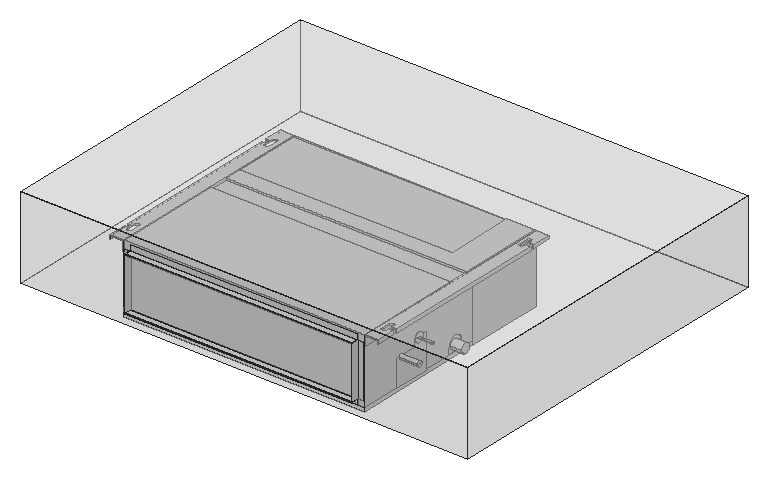
Revit family "outputfile", category 機械設備, Revit 2024
Family settings
  丸型コネクタ寸法 = 半径を使用
  パーツ タイプ = 標準
  OmniClass 番号 = 23.75.10.24.21.27.27
  OmniClass タイトル = Split System Air Conditioning Units
  作業面ベース = いいえ
  常に垂直 = はい
  ロード時にボイドで切り取り = いいえ
  注釈の向きを維持 = いいえ
  共有 = いいえ
  部屋計算ポイント = はい
Parameters (values of type "FXDQ32PDVET")
  Description = ""
  製造元 = "Daikin"
  書き出し IFC クラス(タイプ) = "IfcUnitaryEquipmentType"
  定義済み IFC タイプ(タイプ) = "AIRCONDITIONINGUNIT"
  Cost = 0
  モデル = "FXDQ32PDVET"
  Type Comments = ""
  Keynote = ""
  Type Image = (empty or 0)
  Assembly Code = ""
  w_pipe = 33.0 mm
  r_Liquid Pipe Size = Liquid Pipe Size / 2  # 3.2 mm
  r_Gas Pipe Size = Gas Pipe Size / 2  # 6.35 mm
  r_Drain Pipe Size = Drain Pipe Size / 2  # 10.0 mm
  lw_powersupply = 304.0 mm
  lh_suctionflange [instance] = if(Rear Connection_Return Air, 100.0 mm + [h***], 190.0 mm + [h***])  # 100.0 mm
  ld_suctionflange [instance] = if(Rear Connection_Return Air, 190.0 mm, 100.0 mm)  # 190.0 mm
  ld_powersupply = 60.0 mm
  angle_vertical_RA [instance] = if(Rear Connection_Return Air, 90.00°, 0.00°)  # 90.00°
  angle horizontal_RA [instance] = if(Rear Connection_Return Air, 180.00°, 270.00°)  # 180.00°
  Voltage_comment_60Hz = "220"
  Voltage_comment_50Hz = "220-240"
  Voltage_60Hz = 220 V
  Voltage_50Hz = 220 V
  URL = ""
  Supply Air Direction [instance] = yes
  Sound Power Level_H speed (dB) = 54
  Rear Connection_Return Air [instance] = not(Bottom Connection_Return Air)  # yes
  RA_length = 190.0 mm  # constant formula
  Phase_60Hz = 1
  Phase_50Hz = 1
  Minimum External Static Pressure = 10.00 Pa
  Minimum Circuit Amps_60Hz = 0.8 A
  Minimum Circuit Amps_50Hz = 0.7 A
  Maximum Fuse Amps_60Hz = 16.0 A
  Maximum Fuse Amps_50Hz = 16.0 A
  Maximum External Static Pressure = 30.00 Pa
  Material_Casing = DAIKIN_GalvanizedSteel_Casing_indoorunit
  lw_liquidpipe = 46.0 mm  # constant formula
  lw_gaspipe = 57.0 mm  # constant formula
  lw_mountinghole_pitch = 740.0 mm  # constant formula
  lw_mountinghole = 20.0 mm  # constant formula
  lw_drainpipe = 33.0 mm  # constant formula
  lh_powersupply = 10.0 mm
  lh_liquidpipe = 110.0 mm
  lh_gaspipe = 87.0 mm
  lh_mountinghole = Height + [h***]  # 200.0 mm
  lh_drainpipe = 30.0 mm
  lh_antena = 1.0 mm  # constant formula
  ld_liquidpipe = 193.0 mm  # constant formula
  ld_gaspipe = 130.0 mm  # constant formula
  ld_mountinghole_pitch = 500.0 mm  # constant formula
  ld_drainpipe = 280.0 mm
  ld_controlbox = 626.0 mm  # constant formula
  h*** = 0.0 mm  # constant formula
  d_dischargeflange = 21.2 mm  # constant formula
  Width = 700.0 mm
  Version = "ver.1.0"
  Unit Type = "Slim Duct (Standard) Type"
  Unit Mass Weight = 23.00 kg
  Unit Designation [instance] = ""
  Uniclass2015Version = "Products v1.30"
  Uniclass2015Title = "Variable refrigerant flow units"
  Uniclass2015Code = "Pr_70_65_03_94"
  Total Heating Capacity [instance] = 0.000 kW
  Total Cooling Capacity [instance] = 0.000 kW
  Sound Pressure Level_M speed (dBA) = 0
  Sound Pressure Level_L speed (dBA) = 24
  Sound Pressure Level_H speed (dBA) = 28
  Series = "VRV Fan Coil Unit"
  Sensible Cooling Capacity [instance] = 0.000 kW
  SA Duct Size Width = 660.0 mm
  SA Duct Size Height = 153.0 mm
  Refrigerant Type = "R410A"
  RA Duct Size Width = 600.0 mm
  RA Duct Size Height = 180.0 mm
  Power Input (Heating) = 0.070 kW
  Power Input (Cooling) = 0.070 kW
  Option Accessory 3 [instance] = ""
  Option Accessory 2 [instance] = ""
  Option Accessory 1 [instance] = ""
  Nominal Heating Capacity = 4.000 kW
  Nominal Cooling Capacity = 3.600 kW
  Minimum Airflow = 384.00 m³/h
  Median Airflow = 432.00 m³/h
  Maximum Airflow = 480.00 m³/h
  Load Classification = HVAC
  Liquid Pipe Size = 6.4 mm
  Link_Nested Family [instance] = ""
  IfcVersion = "0"
  IfcExportType = "AIRCONDITIONINGUNIT"
  IfcExportAs = "IfcUnitaryEquipmentType"
  Height = 200.0 mm
  Heating Entering Wet Bulb Temperature [instance] = 0.00 °C
  Heating Entering Dry Bulb Temperature [instance] = 0.00 °C
  Heating Ambient Wet Bulb Temperature [instance] = 0.00 °C
  Heating Ambient Dry Bulb Temperature [instance] = 0.00 °C
  Heat Exchanger Type = "Cross Fin Coil"
  Gas Pipe Size = 12.7 mm
  Frequency_60Hz = 60 Hz
  Frequency_50Hz = 50 Hz
  Fan Type = "Sirocco Fan"
  Fan Drive = "Direct Drive"
  FCU Tag No. [instance] = ""
  Drain Pipe Size = 20.0 mm
  Design Supply Airflow [instance] = 0.00 m³/h
  Design Return Airflow [instance] = 0.00 m³/h
  Design External Static Pressure [instance] = 0.00 Pa
  Depth = 620.0 mm
  既定の高さ = 0.0 mm
  Cooling Entering Wet Bulb Temperature [instance] = 0.00 °C
  Cooling Entering Dry Bulb Temperature [instance] = 0.00 °C
  Cooling Ambient Wet Bulb Temperature [instance] = 0.00 °C
  Cooling Ambient Dry Bulb Temperature [instance] = 0.00 °C
  Clearance visibility [instance] = yes
  Clearance Top = 20.0 mm
  Clearance Right = 300.0 mm
  Clearance Rear = 400.0 mm
  Clearance Left = 300.0 mm
  Clearance Front = 0.0 mm
  Clearance Bottom = 20.0 mm
  Bottom Connection_Return Air [instance] = no
Reference planes
  plane 1 "Center (Front/Back)": y = 0
  plane 2: z = 0
  plane 3 "Center (Left/Right)": x = 0
  plane 4 "Back": y = 310
  plane 5 "Front": y = -310
  plane 6 "Left": x = -350
  plane 7 "Right": x = 350
  plane 8 "Top": z = 0
  plane 9 "Bottom": z = -200
  plane 10: x = 330
  plane 11: x = -330
  plane 12: z = -190
  plane 13: z = -6
  plane 14: z = -22
  plane 15: z = -90
  plane 16: z = -113
  plane 17: x = -304
  plane 18: x = 304
  plane 19: x = -370
  plane 20: x = 370
  plane 21: y = -250
  plane 22: y = 250
  plane 23: x = -390
  plane 24: x = 390
  plane 25: x = 396
  plane 26: x = 407
  plane 27: x = 383
  plane 28: z = 0
  plane 29: z = -170
  plane 30 "Clearance Left": x = -650
  plane 31 "Clearance Right": x = 650
  plane 32 "Clearance Rear": y = 710
  plane 33 "Clearance Front": y = -310
  plane 34 "Clearance Top": z = 20
  plane 35 "Clearance Bottom": z = -220
  plane 36: z = -21
  plane 37: z = -170
  plane 38: z = -96.5
  plane 39: x = -40
  plane 40: y = -180
  plane 41: y = -117
  plane 42: y = -30
  plane 43: y = 20
  plane 44: z = -97.5
  plane 45: y = -309
  plane 46: x = -349
  plane 47: z = -100
  plane 48: z = -30
  plane 49: y = 210
  plane 50: z = 301
  plane 51: z = -199
  plane 52: y = 120
  plane 53: z = -101
  plane 54: x = 380
  plane 55: z = 11
  plane 56: z = 102.5
Forms (mm)
  Extrusion 1, solid
    sketch origin (0, 0, 0) x (1, 0, 0) y (0, 0, 1)
      loop
        line (-350, -190) -> (-350, -200) -> (350, -200) -> (350, -190) -> (-350, -190)
    from -84 to 310
  Extrusion 2, solid, material "DAIKIN_GalvanizedSteel_Casing_indoorunit" <- "Material_Casing"
    sketch origin (0, 0, 0) x (1, 0, 0) y (0, 1, 0)
      loop
        line (-350, -309) -> (350, -309) -> (350, 310) -> (-350, 310) -> (-350, -309)
    from -200 to 0
  Extrusion 3, void
    sketch origin (0, 0, 1) x (1, 0, 0) y (0, 1, 0)
      loop
        line (-350, 62.179) -> (-350, 4.179) -> (350, 4.179) -> (350, 62.179) -> (-350, 62.179)
    from -1 to -7
  Extrusion 4, void
    sketch origin (0, 0, 0) x (0, 1, 0) y (0, 0, 1)
      loop
        line (-5, -190) -> (45, -190) -> (45, -170)
        arc (45, -170) -> (20, -145) -> (-5, -170) r 25
        line (-5, -170) -> (-5, -190)
    from 350 to 345
  Revolve 5, solid, material "DAIKIN_GalvanizedSteel_Casing_indoorunit" <- "Material_Casing"
    sketch origin (0, 0, -113) x (0, -1, 0) y (1, 0, 0)
      loop
        line (173.65, 351) -> (180, 351) -> (180, 407) -> (173.65, 407) -> (173.65, 351)
      axis (180, 351) -> (180, 407)
    angle from 0 to 360
  Revolve 6, solid, material "DAIKIN_GalvanizedSteel_Casing_indoorunit" <- "Material_Casing"
    sketch origin (0, 0, -90) x (0, -1, 0) y (1, 0, 0)
      loop
        line (117, 351) -> (117, 396) -> (113.8, 396) -> (113.8, 351) -> (117, 351)
      axis (117, 396) -> (117, 351)
    angle from 0 to 360
  Extrusion 7, solid, material "DAIKIN_GalvanizedSteel_Casing_indoorunit" <- "Material_Casing"
    sketch origin (0, 0, 0) x (0, 1, 0) y (0, 0, 1)
      loop
        circle (-116, -90) r 12.7
    from 350 to 355.007
  Extrusion 8, solid, material "DAIKIN_GalvanizedSteel_Casing_indoorunit" <- "Material_Casing"
    sketch origin (0, 0, 0) x (0, 1, 0) y (0, 0, 1)
      loop
        circle (20, -170) r 13
    from 345 to 380
  Extrusion 9, solid, material "DAIKIN_GalvanizedSteel_Casing_indoorunit" <- "Material_Casing"
    sketch origin (0, 0, 0) x (1, 0, 0) y (0, 0, 1)
      loop
        line (-350, -190) -> (-350, -200) -> (350, -200) -> (350, -190) -> (-350, -190)
    from -84 to 310
  Extrusion 10, solid, material "DAIKIN_GalvanizedSteel_Casing_indoorunit" <- "Material_Casing", visible <- "Bottom Connection_Return Air"
    sketch origin (0, 0, 0) x (1, 0, 0) y (0, 0, 1)
      loop
        line (269, -200) -> (269, -1) -> (-349, -1) -> (-349, -200) -> (269, -200)
    from -310 to -309
  Extrusion 11, void
    sketch origin (0, 0, 0) x (1, 0, 0) y (0, 0, 1)
      loop
        line (269, 0) -> (-349, 0) -> (-349, -1) -> (269, -1) -> (269, 0)
    from -310 to -111
  Extrusion 12, solid, material "DAIKIN_GalvanizedSteel_Casing_indoorunit" <- "Material_Casing", visible <- "Rear Connection_Return Air"
    sketch origin (0, 0, 0) x (1, 0, 0) y (0, 1, 0)
      loop
        line (-349, 310) -> (-349, 111) -> (269, 111) -> (269, 310) -> (-349, 310)
    from -200 to -199
  Extrusion 13, solid, material "DAIKIN_GalvanizedSteel_Casing_indoorunit" <- "Material_Casing"
    sketch origin (0, 0, 0) x (0, 1, 0) y (0, 0, 1)
      loop
        line (-194, -113) -> (-194, -190) -> (-88.3, -190) -> (-88.3, -90) -> (-103.3, -90)
        arc (-103.3, -90) -> (-116, -102.7) -> (-128.7, -90) r 12.7
        line (-128.7, -90) -> (-128.7, -113) -> (-173.65, -113)
        arc (-173.65, -113) -> (-180, -119.35) -> (-186.35, -113) r 6.35
        line (-186.35, -113) -> (-194, -113)
    from 351 to 350
  Extrusion 14, solid, material "DAIKIN_GalvanizedSteel_Casing_indoorunit" <- "Material_Casing"
    sketch origin (0, 0, 0) x (0, 1, 0) y (0, 0, 1)
      loop
        line (84, -199) -> (310, -199) -> (310, -22) -> (91, -22) -> (84, -29) -> (84, -199)
    from 351 to 350
Cuts and joins
  Extrusion 3, Extrusion 4, Extrusion 11 cuts Extrusion 2
  Extrusion 4 cuts Extrusion 1
  Extrusion 11 cuts Extrusion 9
Dimensions and locks
  "lh_powersupply": plane 12 to plane 9 "Bottom"
  locked: plane 8 "Top" to plane 13 at 6
  "Height": plane 8 "Top" to plane 9 "Bottom"
  equal spacing: plane 17, plane 3 "Center (Left/Right)", plane 18, locked at 304 each
  locked: plane 17 to plane 18 at 608
  equal spacing: plane 19, plane 3 "Center (Left/Right)", plane 20, locked at 370 each
  "lw_mountinghole_pitch": plane 19 to plane 20
  locked: plane 14 to plane 9 "Bottom" at 178
  "lw_mountinghole": plane 23 to plane 19
  "lh_liquidpipe": plane 15 to plane 9 "Bottom"
  "lh_gaspipe": plane 16 to plane 9 "Bottom"
  "lh_mountinghole": plane 28 to plane 9 "Bottom"
  "ld_mountinghole_pitch": plane 22 to plane 21
  equal spacing: plane 6 "Left", plane 3 "Center (Left/Right)", plane 7 "Right", locked at 350 each
  "Width": plane 6 "Left" to plane 7 "Right"
  "lh_drainpipe": plane 29 to plane 9 "Bottom"
  "Clearance Right": plane 7 "Right" to plane 31 "Clearance Right"
  "Clearance Left": plane 30 "Clearance Left" to plane 6 "Left"
  "lw_gaspipe": plane 7 "Right" to plane 26
  "lw_liquidpipe": plane 7 "Right" to plane 25
  "lw_drainpipe": plane 7 "Right" to plane 27
  "Clearance Rear": plane 32 "Clearance Rear" to plane 4 "Back"
  "Clearance Front": plane 5 "Front" to plane 33 "Clearance Front"
  "Clearance Top": plane 34 "Clearance Top" to plane 8 "Top"
  "Clearance Bottom": plane 9 "Bottom" to plane 35 "Clearance Bottom"
  "ld_powersupply": plane 4 "Back" to plane 22
  "lw_powersupply": plane 3 "Center (Left/Right)" to plane 18
  locked: plane 8 "Top" to plane 36 at 21
  locked: plane 8 "Top" to plane 37 at 170
  locked: plane 40 to plane 41 at 63
  locked: plane 38 to plane 9 "Bottom" at 103.5
  locked: plane 36 to plane 44 at 76.5
  "Depth": plane 4 "Back" to plane 5 "Front"
  equal spacing: plane 4 "Back", plane 1 "Center (Front/Back)", plane 5 "Front"
  locked: plane 45 to plane 5 "Front" at 1
  locked: plane 46 to plane 6 "Left" at 1
  Extrusion 10 sketch curve to Extrusion 10 sketch curve = 199.0 mm
  locked: nested 12 to plane 39 at 300
  locked: plane 12 to plane 47 at 90
  plane 32 "Clearance Rear" to Extrusion 10 = 401.0 mm
  locked: plane 48 to plane 35 "Clearance Bottom" at 190
  locked: plane 49 to nested 13 at 90
  plane 50 to plane 28 = 301.0 mm
  locked: plane 51 to plane 9 "Bottom" at 1
  "ld_suctionflange": plane 4 "Back" to plane 52
  locked: plane 53 to plane 9 "Bottom" at 99
  locked: plane 54 to plane 7 "Right" at 30
  aligned and locked: level to plane 2
  aligned and locked: Extrusion 2 to plane 9 "Bottom"
  aligned and locked: plane 8 "Top" to Extrusion 2
  aligned and locked: Revolve 5 sketch curve to Revolve 5 sketch curve
  aligned and locked: plane 15 to Extrusion 7 sketch curve
  aligned and locked: cut or joined group of Extrusion 1, Extrusion 4 to plane 9 "Bottom"
  aligned and locked: plane 24 to nested 1
  aligned and locked: nested 1 to plane 23
  aligned and locked: plane 25 to nested 6
  aligned and locked: nested 6 to plane 15
  aligned and locked: nested 2 to plane 22
  aligned and locked: plane 20 to nested 2
  aligned and locked: plane 20 to nested 3
  aligned and locked: plane 19 to nested 4
  aligned and locked: plane 22 to nested 5
  aligned and locked: nested 5 to plane 22
  aligned and locked: plane 19 to nested 5
  aligned and locked: plane 22 to nested 11
  aligned and locked: plane 18 to nested 11  (x2)
  aligned and locked: nested 11 to plane 18
  aligned and locked: plane 4 "Back" to nested 11
  aligned and locked: cut or joined group of Extrusion 2, Extrusion 3, Extrusion 4, Extrusion 11 to nested 11
  aligned and locked: nested 11 to plane 12
  aligned and locked: plane 8 "Top" to nested 1
  aligned and locked: Extrusion 9 to plane 5 "Front"
  aligned and locked: Extrusion 9 to plane 9 "Bottom"
  aligned and locked: nested 7 to plane 16
  aligned and locked: plane 4 "Back" to nested 1
  aligned and locked: plane 40 to nested 7
  aligned and locked: plane 41 to nested 6
  aligned and locked: Extrusion 8 sketch curve to plane 43
  aligned and locked: nested 12 to plane 46
  aligned and locked: plane 4 "Back" to Extrusion 11
  aligned and locked: Extrusion 12 to nested 13
  aligned and locked: plane 8 "Top" to Extrusion 3
  aligned and locked: Extrusion 10 to cut or joined group of Extrusion 2, Extrusion 3, Extrusion 4, Extrusion 11
  aligned and locked: plane 9 "Bottom" to Extrusion 12  (x2)
  aligned and locked: Extrusion 12 to plane 51
  aligned and locked: plane 4 "Back" to nested 12
  aligned and locked: Extrusion 11 to level
  aligned and locked: plane 32 "Clearance Rear" to nested 14
  aligned and locked: plane 31 "Clearance Right" to nested 14
  aligned and locked: plane 30 "Clearance Left" to nested 14
  aligned and locked: nested 14 to plane 33 "Clearance Front"
  aligned and locked: nested 14 to plane 34 "Clearance Top"
  aligned and locked: nested 14 to plane 35 "Clearance Bottom"
  aligned and locked: plane 7 "Right" to Extrusion 13
  aligned and locked: plane 4 "Back" to Extrusion 14
  aligned and locked: Extrusion 14 to plane 51
  aligned and locked: plane 7 "Right" to Extrusion 14
  aligned and locked: Extrusion 13 to Revolve 5 sketch curve
  aligned and locked: Extrusion 3 to plane 13
  aligned and locked: plane 52 to nested 15
  aligned and locked: Extrusion 11 to nested 13
  aligned and locked: Extrusion 8 to plane 54
  aligned and locked: nested 8 to plane 54
  aligned and locked: plane 43 to nested 8
  aligned and locked: nested 8 to plane 37
  aligned and locked: nested 10 to plane 1 "Center (Front/Back)"
  aligned and locked: plane 46 to Extrusion 10
  aligned and locked: nested 12 to plane 51
  aligned and locked: plane 3 "Center (Left/Right)" to nested 10
  aligned and locked: plane 13 to nested 16
  aligned and locked: plane 45 to nested 16
  aligned and locked: plane 44 to nested 9
  aligned and locked: level to plane 8 "Top"
Automatic sketch dimensions
  Extrusion 1 sketch curve to plane 6 "Left" = 0.0 mm
  Extrusion 1 sketch curve to plane 7 "Right" = 0.0 mm
  Extrusion 1 sketch curve to plane 9 "Bottom" = 0.0 mm
  Extrusion 1 sketch curve to plane 12 = 0.0 mm
  Extrusion 2 sketch curve to plane 4 "Back" = 0.0 mm
  Extrusion 2 sketch curve to plane 6 "Left" = 0.0 mm
  Extrusion 2 sketch curve to plane 7 "Right" = 0.0 mm
  Extrusion 2 sketch curve to plane 45 = 0.0 mm
  Extrusion 3 sketch curve to plane 6 "Left" = 0.0 mm
  Extrusion 3 sketch curve to plane 7 "Right" = 0.0 mm
  Extrusion 3 sketch curve to plane 1 "Center (Front/Back)" = 4.179 mm
  plane 43 to Extrusion 3 sketch curve = 42.179 mm
  Extrusion 4 sketch curve to plane 37 = 0.0 mm
  Extrusion 4 sketch curve to plane 12 = 0.0 mm
  Extrusion 4 sketch curve to plane 43 = 0.0 mm
  plane 1 "Center (Front/Back)" to Extrusion 4 sketch curve = 5.0 mm
  Revolve 6 sketch curve to plane 25 = 0.0 mm  (x2)
  Revolve 6 sketch curve to plane 41 = 0.0 mm  (x2)
  plane 41 to Revolve 6 sketch curve = 3.2 mm
  plane 7 "Right" to Revolve 6 sketch curve = 1.0 mm
  Revolve 6 sketch curve to Revolve 6 sketch curve = 0.0 mm
  plane 41 to Extrusion 7 sketch curve = 1.0 mm
  Extrusion 8 sketch curve to plane 37 = 0.0 mm
  Extrusion 9 sketch curve to plane 6 "Left" = 0.0 mm
  Extrusion 9 sketch curve to plane 7 "Right" = 0.0 mm
  Extrusion 9 sketch curve to plane 9 "Bottom" = 0.0 mm
  Extrusion 9 sketch curve to plane 12 = 0.0 mm
  plane 46 to Extrusion 10 sketch curve = 0.0 mm
  Extrusion 10 sketch curve to plane 18 = 35.0 mm
  plane 46 to Extrusion 11 sketch curve = 0.0 mm
  Extrusion 11 sketch curve to plane 18 = 35.0 mm
  Extrusion 11 sketch curve to plane 8 "Top" = 1.0 mm
  Extrusion 12 sketch curve to plane 46 = 0.0 mm
  Extrusion 12 sketch curve to plane 4 "Back" = 0.0 mm
  Extrusion 12 sketch curve to plane 18 = 35.0 mm
  plane 43 to Extrusion 12 sketch curve = 91.0 mm
  plane 35 "Clearance Bottom" to Extrusion 11 sketch curve = 220.0 mm
  Extrusion 10 sketch curve to plane 51 = 1.0 mm
  Extrusion 13 sketch curve to plane 12 = 0.0 mm
  Extrusion 13 sketch curve to plane 16 = 0.0 mm
  Extrusion 13 sketch curve to plane 40 = 0.0 mm
  Extrusion 13 sketch curve to plane 15 = 0.0 mm
  Extrusion 13 sketch curve to Extrusion 13 sketch curve = 6.35 mm
  Extrusion 13 sketch curve to Extrusion 13 sketch curve = 7.65 mm
  Extrusion 13 sketch curve to plane 41 = 11.7 mm
  plane 41 to Extrusion 13 sketch curve = 1.0 mm
  Extrusion 13 sketch curve to Extrusion 13 sketch curve = 27.7 mm
  Extrusion 14 sketch curve to plane 51 = 0.0 mm
  Extrusion 14 sketch curve to plane 14 = 0.0 mm
  plane 48 to Extrusion 14 sketch curve = 1.0 mm
  plane 43 to Extrusion 14 sketch curve = 64.0 mm
  Extrusion 14 sketch curve to Extrusion 14 sketch curve = 7.0 mm
  Extrusion 14 sketch curve to plane 4 "Back" = 0.0 mm
  Revolve 5 sketch curve to plane 26 = 0.0 mm
  Revolve 5 sketch curve to plane 40 = 0.0 mm
  Revolve 5 sketch curve to Revolve 5 sketch curve = 1.003 mm  (x2)
  plane 40 to Revolve 5 sketch curve = 6.35 mm
  radius of Extrusion 7 sketch curve = 12.7 mm
  radius of Extrusion 8 sketch curve = 13.0 mm
Nested families
  nested 1: "daikin_hangerfixture_FXDQ-PDVET" at (0, 0.5, 0), type "daikin_hangerfixture_FXDQ-PDVET"
  nested 2: "daikin_mountinghole" at (370, 250, -200), l_antenna <- "lh_antena", Link_Nested Family <- "Link_Nested Family", h_mountinghole <- "lh_mountinghole", type "daikin_mountinghole"
    with show yes, l_antenna 1.0 mm, h_mountinghole 200.0 mm, Link_Nested Family ""
  nested 3: "daikin_mountinghole" at (370, -250, -200), Link_Nested Family <- "Link_Nested Family", l_antenna <- "lh_antena", h_mountinghole <- "lh_mountinghole", type "daikin_mountinghole"
    with show yes, l_antenna 1.0 mm, h_mountinghole 200.0 mm, Link_Nested Family ""
  nested 4: "daikin_mountinghole" at (-370, -250, -200), l_antenna <- "lh_antena", Link_Nested Family <- "Link_Nested Family", h_mountinghole <- "lh_mountinghole", type "daikin_mountinghole"
    with show yes, l_antenna 1.0 mm, h_mountinghole 200.0 mm, Link_Nested Family ""
  nested 5: "daikin_mountinghole" at (-370, 250, -200), l_antenna <- "lh_antena", Link_Nested Family <- "Link_Nested Family", h_mountinghole <- "lh_mountinghole", type "daikin_mountinghole"
    with show yes, l_antenna 1.0 mm, h_mountinghole 200.0 mm, Link_Nested Family ""
  nested 6: "daikin_connector_rotate2" at (350, -117, -90) x (0, 1, 0) z (0, 0, 1), length <- "lw_liquidpipe", built-in parameter 1001364 <- "lh_liquidpipe", radius <- "r_Liquid Pipe Size", type "daikin_connector_rotate2"
    with radius 3.2 mm, length 46.0 mm, angle_vertical 90.00°, show_face no
  nested 7: "daikin_connector_rotate2" at (350, -180, -113) x (0, 1, 0) z (0, 0, 1), length <- "lw_gaspipe", built-in parameter 1001364 <- "lh_gaspipe", radius <- "r_Gas Pipe Size", type "daikin_connector_rotate2"
    with radius 6.35 mm, length 57.0 mm, angle_vertical 90.00°, show_face no
  nested 8: "daikin_connector_rotate2" at (347, 20, -170) x (0, 1, 0) z (0, 0, 1), built-in parameter 1001364 <- "lh_drainpipe", length <- "lw_drainpipe", radius <- "r_Drain Pipe Size", type "daikin_connector_rotate2"
    with radius 10.0 mm, length 33.0 mm, angle_vertical 90.00°, show_face no
  nested 9: "daikin_connector_rotate2" at (0, -309, -97.5), length <- "d_dischargeflange", type "daikin_connector_rotate2"
    with radius 10.0 mm, length 21.2 mm, angle_vertical 90.00°, show_face no
  nested 10: "daikin_△_symbolicline" at (-75, -129.904, 200) x (-0.5, 0.866, 0) z (0, 0, 1), built-in parameter 1001364 <- "Height", visible <- "Supply Air Direction", type "daikin_△_symbolicline"
    with length 300.0 mm
  nested 11: "daikin_connector_rotate2" at (304, 250, -190) x (-1, 0, 0) z (0, 0, 1), built-in parameter 1001364 <- "lh_powersupply", length <- "ld_powersupply", type "daikin_connector_rotate2"
    with radius 10.0 mm, length 60.0 mm, angle_vertical 90.00°, show_face no
  nested 12: "daikin_ductflange_FXDQ-PDVET2" at (-40, 310, -100), visible <- "Rear Connection_Return Air", material <- "Material_Casing", type "daikin_ductflange_FXDQ-PDVET2"
    with width 620.0 mm, material DAIKIN_GalvanizedSteel_Casing_indoorunit, height 180.0 mm, depth 21.2 mm
  nested 13: "daikin_ductflange_FXDQ-PDVET2" at (-40, 210, -200) x (1, 0, 0) z (0, 1, 0), visible <- "Bottom Connection_Return Air", material <- "Material_Casing", type "daikin_ductflange_FXDQ-PDVET2"
    with width 620.0 mm, material DAIKIN_GalvanizedSteel_Casing_indoorunit, height 180.0 mm, depth 21.2 mm
  nested 14: "daikin_clearancespace" at (0, 200, -99.881), visible <- "Clearance visibility", show <- "Clearance visibility", Link_Nested Family <- "Link_Nested Family", type "daikin_clearancespace"
    with width 1300.0 mm, show yes, height 240.0 mm, depth 1020.0 mm, Link_Nested Family ""
  nested 15: "daikin_connector_rotate3" at (-40, 120, -100), built-in parameter 1001364 <- "lh_suctionflange", angle_vertical <- "angle_vertical_RA", angle_horizontal <- "angle horizontal_RA", length <- "RA_length", type "daikin_connector_rotate3"
    with show no, radius 10.0 mm, length 190.0 mm, angle_vertical 90.00°, angle_horizontal 180.00°
  nested 16: "daikin_ductflange_FXDQ-PDVET" at (0, 4.5, -364.201), type "daikin_ductflange_FXDQ-PDVET"
    with width 660.0 mm, material DAIKIN_GalvanizedSteel_Casing_indoorunit, height 155.0 mm, depth 21.2 mm
Connectors
  piping at (407, -180, -113), diameter 12.7, driven by "r_Gas Pipe Size"
    settings: on nested 7, index 1, connector inside diameter 609.6 mm, connector length 0.0 mm, flow factor 0, pipe flow 0.00 m³/h, pressure drop 0.0 Pa, fitting loss kfactor 0, connector angle 0.00°, fixture units 0, engagement length 0.0 mm, angle of deflection 0.00°, flow configuration 1, flow direction 2, fitting loss method 0, system type 29, joint type 0, gender type 0, connector reference index -1, connector utility 0, adjustable connector no, is connector primary yes, connector description "Refrigerant Gas Piping"
  piping at (396, -117, -90), diameter 6.4, driven by "r_Liquid Pipe Size"
    settings: on nested 6, index 2, connector inside diameter 609.6 mm, connector length 0.0 mm, flow factor 0, pipe flow 0.00 m³/h, pressure drop 0.0 Pa, fitting loss kfactor 0, connector angle 0.00°, fixture units 0, engagement length 0.0 mm, angle of deflection 0.00°, flow configuration 1, flow direction 1, fitting loss method 0, system type 29, joint type 0, gender type 0, connector reference index -1, connector utility 0, adjustable connector no, is connector primary no, connector description "Refrigerant Liquid Piping"
  piping at (380, 20, -170), diameter 20, driven by "r_Drain Pipe Size"
    settings: on nested 8, index 3, connector inside diameter 609.6 mm, connector length 0.0 mm, flow factor 0, pipe flow 0.00 m³/h, pressure drop 0.0 Pa, fitting loss kfactor 0, connector angle 0.00°, fixture units 0, engagement length 0.0 mm, angle of deflection 0.00°, flow configuration 1, flow direction 2, fitting loss method 4, system type 16, joint type 0, gender type 0, connector reference index -1, connector utility 0, adjustable connector no, is connector primary no, connector description "Condensate Drain Piping"
  hvac at (0, -330.2, -97.5), driven by "SA Duct Size Height", driven by "SA Duct Size Width"
    settings: on nested 9, index 7, duct flow 0.00 m³/h, flow factor 0, pres drop 0.00 Pa, loss coef 0, conn angle 0.00°, conn width 660.0 mm, conn height 153.0 mm, conn diameter 609.6 mm, duct sys type 1, conn prof type 1, flow config 0, flow direction 2, loss method 4, conn ref index -1, conn util no, is conn primary yes, conn desc "SA Duct"
  electrical at (304, 310, -190), driven by "Load Classification"
    settings: on nested 11, index 9, voltage 0 V, apparent load 0 VA, apparent load phase1 0 VA, apparent load phase2 0 VA, apparent load phase3 0 VA, power factor 1, load classification "HVAC", number of poles 1, system type 30, power factor state 1, is connector primary yes, connector utility no, sub classification motor no, connector description "Power Supply"
  hvac at (-40, 310, -100), driven by "RA Duct Size Height", driven by "RA Duct Size Width"
    settings: on nested 15, index 10, duct flow 0.00 m³/h, flow factor 0, pres drop 0.00 Pa, loss coef 0, conn angle 0.00°, conn width 600.0 mm, conn height 180.0 mm, conn diameter 609.6 mm, duct sys type 2, conn prof type 1, flow config 0, flow direction 1, loss method 4, conn ref index -1, conn util no, is conn primary no, conn desc "RA Duct"
Definition of nested family "daikin_hangerfixture_FXDQ-PDVET"
  Parameters (values of type "daikin_hangerfixture_FXDQ-PDVE")
    width = 48.0 mm
    material = none
    height = 65.0 mm
    depth = 619.0 mm
    Default Elevation = 0.0 mm
  Reference planes
    plane 1 "Center (Front/Back)": y = 0
    plane 2: z = 0
    plane 3 "Center (Left/Right)": x = 0
    plane 4: x = 350
    plane 5: y = 309.5
    plane 6: y = -309.5
  Forms (mm)
    Extrusion 1, solid, material <- "material"
      sketch origin (0, 0, 0) x (1, 0, 0) y (0, 0, 1)
        loop
          line (350, 0) -> (350, -30) -> (352.3, -30) -> (352.3, -2.3) -> (387.7, -2.3) -> (387.7, -10) -> (390, -10) -> (390, 0) -> (350, 0)
      from -309.5 to 309.5
    Extrusion 2, void
      sketch origin (0, 0, 0) x (0, 1, 0) y (0, 0, 1)
        loop
          line (309.5, -30) -> (309.5, -17.979) -> (87.935, -17.979) -> (75.914, -30) -> (309.5, -30)
      from 0 to 618
    Extrusion 3, void
      sketch origin (0, 0, 0) x (1, 0, 0) y (0, 1, 0)
        loop
          line (390, -244) -> (377, -244) -> (377, -237.5)
          arc (377, -237.5) -> (370, -230.5) -> (363, -237.5) r 7
          line (363, -237.5) -> (363, -263.5)
          arc (363, -263.5) -> (370, -270.5) -> (377, -263.5) r 7
          line (377, -263.5) -> (377, -257) -> (390, -257) -> (390, -244)
        loop
          line (390, 243) -> (390, 256) -> (377, 256) -> (377, 262.5)
          arc (377, 262.5) -> (370, 269.5) -> (363, 262.5) r 7
          line (363, 262.5) -> (363, 236.5)
          arc (363, 236.5) -> (370, 229.5) -> (377, 236.5) r 7
          line (377, 236.5) -> (377, 243) -> (390, 243)
      from -254.96 to 618
    Extrusion 4, solid, material <- "material"
      sketch origin (0, 0, 0) x (-1, 0, 0) y (0, 0, -1)
        loop
          line (350, 0) -> (390, 0) -> (390, 10) -> (387.7, 10) -> (387.7, 2.3) -> (352.3, 2.3) -> (352.3, 30) -> (350, 30) -> (350, 0)
      from -309.5 to 309.5
    Extrusion 5, void
      sketch origin (0, 0, 0) x (-1, 0, 0) y (0, -1, 0)
        loop
          line (390, 244) -> (390, 257) -> (377, 257) -> (377, 263.5)
          arc (377, 263.5) -> (370, 270.5) -> (363, 263.5) r 7
          line (363, 263.5) -> (363, 237.5)
          arc (363, 237.5) -> (370, 230.5) -> (377, 237.5) r 7
          line (377, 237.5) -> (377, 244) -> (390, 244)
        loop
          line (390, -243) -> (377, -243) -> (377, -236.5)
          arc (377, -236.5) -> (370, -229.5) -> (363, -236.5) r 7
          line (363, -236.5) -> (363, -262.5)
          arc (363, -262.5) -> (370, -269.5) -> (377, -262.5) r 7
          line (377, -262.5) -> (377, -256) -> (390, -256) -> (390, -243)
      from -254.96 to 618
  Cuts and joins
    Extrusion 2, Extrusion 3, Extrusion 5 cuts Extrusion 1
    Extrusion 5 cuts Extrusion 4
  Dimensions and locks
    locked: plane 4 to plane 3 "Center (Left/Right)" at 350
    equal spacing: plane 5, plane 1 "Center (Front/Back)", plane 6
    "depth": plane 5 to plane 6
    locked: plane 3 "Center (Left/Right)" to plane 4 at 350
    plane 6 to plane 1 "Center (Front/Back)" to plane 5 = 309.5 mm, 309.5 mm
    aligned and locked: level to plane 2
    aligned and locked: plane 5 to Extrusion 1
    aligned and locked: Extrusion 1 to plane 6
    aligned and locked: Extrusion 1 to plane 4
    aligned and locked: plane 5 to cut or joined group of Extrusion 1, Extrusion 2, Extrusion 3, Extrusion 5
    aligned and locked: cut or joined group of Extrusion 1, Extrusion 2, Extrusion 3, Extrusion 5 to plane 6
    aligned and locked: level to cut or joined group of Extrusion 1, Extrusion 2, Extrusion 3, Extrusion 5
    aligned and locked: plane 5 to cut or joined group of Extrusion 4, Extrusion 5
    aligned and locked: cut or joined group of Extrusion 4, Extrusion 5 to plane 6
  Automatic sketch dimensions
    Extrusion 1 sketch curve to plane 4 = 0.0 mm
    Extrusion 1 sketch curve to level = 0.0 mm
    plane 4 to Extrusion 1 sketch curve = 2.3 mm
    Extrusion 1 sketch curve to level = 2.3 mm
    Extrusion 1 sketch curve to Extrusion 1 sketch curve = 35.4 mm
    Extrusion 1 sketch curve to Extrusion 1 sketch curve = 2.3 mm
    Extrusion 1 sketch curve to Extrusion 1 sketch curve = 7.7 mm
    Extrusion 1 sketch curve to Extrusion 1 sketch curve = 27.7 mm
    Extrusion 2 sketch curve to plane 5 = 0.0 mm
    Extrusion 2 sketch curve to level = 17.979 mm
    Extrusion 2 sketch curve to plane 1 "Center (Front/Back)" = 87.935 mm
    Extrusion 2 sketch curve to level = 30.0 mm
    Extrusion 2 sketch curve to Extrusion 2 sketch curve = 12.021 mm
    plane 4 to Extrusion 3 sketch curve = 13.0 mm  (x2)
    Extrusion 3 sketch curve to Extrusion 3 sketch curve = 7.0 mm  (x4)
    Extrusion 3 sketch curve to Extrusion 3 sketch curve = 13.0 mm  (x4)
    plane 6 to Extrusion 3 sketch curve = 46.0 mm
    Extrusion 3 sketch curve to Extrusion 3 sketch curve = 6.5 mm  (x4)
    Extrusion 3 sketch curve to plane 5 = 73.0 mm
    Extrusion 4 sketch curve to level = 0.0 mm
    Extrusion 4 sketch curve to level = 30.0 mm
    Extrusion 4 sketch curve to plane 3 "Center (Left/Right)" = 350.0 mm
    Extrusion 4 sketch curve to Extrusion 4 sketch curve = 2.3 mm  (x2)
    Extrusion 4 sketch curve to level = 2.3 mm
    Extrusion 4 sketch curve to Extrusion 4 sketch curve = 35.4 mm
    Extrusion 4 sketch curve to Extrusion 4 sketch curve = 7.7 mm
    Extrusion 5 sketch curve to plane 5 = 73.0 mm
    Extrusion 5 sketch curve to plane 3 "Center (Left/Right)" = 363.0 mm  (x2)
    plane 6 to Extrusion 5 sketch curve = 72.0 mm
    Extrusion 5 sketch curve to Extrusion 5 sketch curve = 7.0 mm  (x4)
    Extrusion 5 sketch curve to Extrusion 5 sketch curve = 13.0 mm  (x4)
    Extrusion 5 sketch curve to Extrusion 5 sketch curve = 6.5 mm  (x4)
Definition of nested family "daikin_ductflange_FXDQ-PDVET2"
  Parameters (values of type "daikin_ductflange_FXDQ-PDVE2")
    width [instance] = 620.0 mm
    material [instance] = none
    height [instance] = 180.0 mm
    depth [instance] = 21.2 mm
    Default Elevation = 0.0 mm
  Reference planes
    plane 1 "Center (Front/Back)": y = 0
    plane 2: z = 0
    plane 3 "Center (Left/Right)": x = 0
    plane 4: y = -313.5
    plane 5: y = -334.7
    plane 6: x = -310
    plane 7: x = 310
    plane 8: z = 90
    plane 9: z = -90
    plane 10: z = 100
    plane 11: z = -100
    plane 12: x = -309
    plane 13: x = 309
  Forms (mm)
    Extrusion 1, solid, material <- "material"
      sketch origin (0, 0, 0) x (1, 0, 0) y (0, 0, 1)
        loop
          line (-300, 90) -> (-300, -90) -> (300, -90) -> (300, 90) -> (-300, 90)
        loop
          line (-309, -99) -> (309, -99) -> (309, 99) -> (-309, 99) -> (-309, -99)
      from 0 to 1
  Dimensions and locks
    plane 4 to plane 1 "Center (Front/Back)" = 313.5 mm
    "depth": plane 5 to plane 4
    equal spacing: plane 7, plane 3 "Center (Left/Right)", plane 6, locked at 310 each
    "width": plane 7 to plane 6
    equal spacing: plane 8, level, plane 9, locked at 90 each
    "height": plane 8 to plane 9
    equal spacing: plane 10, level, plane 11, locked at 100 each
    locked: plane 10 to plane 11 at 200
    plane 12 to plane 6 = 1.0 mm
    locked: plane 7 to plane 13 at 1
    locked: Extrusion 1 sketch curve to Extrusion 1 sketch curve at 9  (x4)
    locked: plane 10 to Extrusion 1 sketch curve at 1
    locked: Extrusion 1 sketch curve to plane 11 at 1
    aligned and locked: level to plane 2
  Automatic sketch dimensions
    plane 6 to Extrusion 1 sketch curve = 1.0 mm
    Extrusion 1 sketch curve to plane 7 = 1.0 mm
Definition of nested family "daikin_clearancespace"
  Parameters (values of type "daikin_clearancespace")
    width [instance] = 1823.963 mm
    show [instance] = yes
    material = none
    height [instance] = 1359.762 mm
    depth [instance] = 880.0 mm
    Default Elevation = 0.0 mm
    Link_Nested Family [instance] = ""
  Reference planes
    plane 1 "Center (Front/Back)": y = 0
    plane 2 "Center (Elevation)": z = -0.119
    plane 3 "Center (Left/Right)": x = 0
    plane 4: y = 440
    plane 5: y = -440
    plane 6 "Right": x = 911.982
    plane 7 "Left": x = -911.982
    plane 8 "Top": z = 679.762
    plane 9 "Bottom": z = -680
  Forms (mm)
    Extrusion 1, solid, material <- "material", visible <- "show"
      sketch origin (0, 0, 0) x (1, 0, 0) y (0, 1, 0)
        loop
          line (-911.982, 440) -> (-911.982, -440) -> (911.982, -440) -> (911.982, 440) -> (-911.982, 440)
      from -680 to 679.762
  Lines and regions (mm)
    symbolic lines, visible <- "show"
      curve 1: line (911.982, 440, 0) -> (-911.982, 440, 0)
      curve 2: line (-911.982, 440, 0) -> (-911.982, -440, 0)
      curve 3: line (-911.982, -440, 0) -> (911.982, -440, 0)
      curve 4: line (911.982, -440, 0) -> (911.982, 440, 0)
      curve 5: line (911.982, 0, 679.762) -> (-911.982, 0, 679.762)
      curve 6: line (911.982, 0, -680) -> (911.982, 0, 679.762)
      curve 7: line (-911.982, 0, -680) -> (911.982, 0, -680)
      curve 8: line (-911.982, 0, 679.762) -> (-911.982, 0, -680)
      curve 9: line (0, 440, 679.762) -> (0, -440, 679.762)
      curve 10: line (0, -440, 679.762) -> (0, -440, -680)
      curve 11: line (0, 440, -680) -> (0, 440, 679.762)
      curve 12: line (0, -440, -680) -> (0, 440, -680)
  Dimensions and locks
    "width": plane 7 "Left" to plane 6 "Right"
    "depth": plane 4 to plane 5
    "height": plane 8 "Top" to plane 9 "Bottom"
    equal spacing: plane 7 "Left", plane 3 "Center (Left/Right)", plane 6 "Right"
    equal spacing: plane 4, plane 1 "Center (Front/Back)", plane 5
    equal spacing: plane 8 "Top", plane 2 "Center (Elevation)", plane 9 "Bottom"
    aligned and locked: level to plane 2 "Center (Elevation)"
    aligned and locked: Extrusion 1 sketch curve to plane 4
    aligned and locked: plane 7 "Left" to Extrusion 1 sketch curve
    aligned and locked: Extrusion 1 sketch curve to plane 5
    aligned and locked: Extrusion 1 sketch curve to plane 6 "Right"
    aligned and locked: plane 8 "Top" to Extrusion 1
    aligned and locked: curve 1 to Extrusion 1
    aligned and locked: curve 2 to Extrusion 1
    aligned and locked: curve 3 to Extrusion 1
    aligned and locked: curve 4 to Extrusion 1
    aligned and locked: curve 5 to Extrusion 1
    aligned and locked: curve 6 to Extrusion 1
    aligned and locked: curve 7 to Extrusion 1
    aligned and locked: curve 8 to Extrusion 1
    aligned and locked: curve 9 to Extrusion 1
    aligned and locked: curve 10 to Extrusion 1
    aligned and locked: curve 11 to Extrusion 1
    aligned and locked: curve 12 to Extrusion 1
    aligned and locked: Extrusion 1 to plane 9 "Bottom"
Definition of nested family "daikin_ductflange_FXDQ-PDVET"
  Parameters (values of type "daikin_ductflange_FXDQ-PDVET")
    width [instance] = 660.0 mm
    material [instance] = none
    height [instance] = 155.0 mm
    depth [instance] = 21.2 mm
    Default Elevation = 0.0 mm
  Reference planes
    plane 1 "Center (Front/Back)": y = 0
    plane 2: z = 189.201
    plane 3 "Center (Left/Right)": x = 0
    plane 4: y = -313.5
    plane 5: x = -330
    plane 6: x = 330
    plane 7: y = -334.7
    plane 8: z = 344.201
    plane 9: z = 266.701
    plane 10: z = 343.201
    plane 11: z = 190.201
  Forms (mm)
    Extrusion 1, solid, material <- "material"
      sketch origin (0, 0, 189.201) x (1, 0, 0) y (0, 1, 0)
        loop
          line (-330, -334.7) -> (-330, -313.5) -> (-348, -313.5) -> (-348, -314.5) -> (-331, -314.5) -> (-331, -334.7) -> (-330, -334.7)
        loop
          line (330, -334.7) -> (331, -334.7) -> (331, -314.5) -> (348, -314.5) -> (348, -313.5) -> (330, -313.5) -> (330, -334.7)
      from 1 to 154
    Extrusion 2, solid, material <- "material"
      sketch origin (0, 0, 0) x (0, 1, 0) y (0, 0, 1)
        loop
          line (-313.5, 343.201) -> (-313.5, 358.201) -> (-314.5, 358.201) -> (-314.5, 344.201) -> (-334.7, 344.201) -> (-334.7, 343.201) -> (-313.5, 343.201)
        loop
          line (-313.5, 190.201) -> (-334.7, 190.201) -> (-334.7, 189.201) -> (-314.5, 189.201) -> (-314.5, 175.201) -> (-313.5, 175.201) -> (-313.5, 190.201)
      from -330 to 330
  Dimensions and locks
    plane 4 to plane 1 "Center (Front/Back)" = 313.5 mm
    "depth": plane 7 to plane 4
    equal spacing: plane 8, plane 9, level
    "height": plane 8 to level
    equal spacing: plane 6, plane 3 "Center (Left/Right)", plane 5, locked at 330 each
    "width": plane 6 to plane 5
    plane 5 to plane 6 = 660.0 mm
    locked: Extrusion 1 sketch curve to Extrusion 1 sketch curve at 660
    locked: plane 8 to plane 10 at 1
    locked: plane 11 to level at 1
    locked: Extrusion 1 to Extrusion 2 sketch curve at 1
    locked: Extrusion 2 sketch curve to Extrusion 1 at 1
    locked: Extrusion 1 sketch curve to Extrusion 1 sketch curve at 1  (x2)
    aligned and locked: level to plane 2
    aligned and locked: plane 4 to Extrusion 1  (x2)
    aligned and locked: plane 5 to Extrusion 1
    aligned and locked: Extrusion 1 to plane 7  (x2)
    aligned and locked: Extrusion 1 to plane 6
    aligned and locked: Extrusion 1 to plane 10
    aligned and locked: Extrusion 1 to plane 11
    aligned and locked: plane 10 to Extrusion 1
    aligned and locked: plane 11 to Extrusion 1
    aligned and locked: Extrusion 2 to plane 5
    aligned and locked: plane 5 to Extrusion 2
    aligned and locked: plane 6 to Extrusion 2
    aligned and locked: Extrusion 2 to plane 6
    aligned and locked: Extrusion 2 to plane 11
    aligned and locked: Extrusion 2 to plane 10
  Automatic sketch dimensions
    Extrusion 1 sketch curve to plane 4 = 0.0 mm  (x2)
    Extrusion 1 sketch curve to plane 7 = 0.0 mm  (x2)
    Extrusion 1 sketch curve to plane 5 = 0.0 mm
    Extrusion 1 sketch curve to plane 5 = 1.0 mm
    Extrusion 1 sketch curve to Extrusion 1 sketch curve = 17.0 mm  (x2)
    plane 6 to Extrusion 1 sketch curve = 1.0 mm
    Extrusion 2 sketch curve to plane 7 = 0.0 mm  (x2)
    Extrusion 2 sketch curve to plane 4 = 0.0 mm  (x2)
    Extrusion 2 sketch curve to plane 11 = 0.0 mm
    Extrusion 2 sketch curve to plane 10 = 0.0 mm
    Extrusion 2 sketch curve to plane 4 = 1.0 mm  (x2)
    Extrusion 2 sketch curve to level = 14.0 mm
    plane 8 to Extrusion 2 sketch curve = 14.0 mm
Definition of nested family "daikin_mountinghole"
  Parameters (values of type "daikin_mountinghole")
    Default Elevation = 1219.2 mm
    Type Comments = "mountinghole"
    show [instance] = yes
    material = none
    l_centerline = 100.0 mm
    l_antenna [instance] = 100.0 mm
    h_mountinghole [instance] = 0.0 mm
    d_circle = 30.0 mm
    Link_Nested Family [instance] = ""
  Reference planes
    plane 1 "Center (Front/Back)": y = 0
    plane 2: z = 0
    plane 3 "Center (Left/Right)": x = 0
    plane 4: y = 50
    plane 5: x = -50
    plane 6: x = 50
    plane 7: y = -50
    plane 8 "h_mountinghole": z = 0
    plane 9: z = 100
  Lines and regions (mm)
    model lines, detail levels fine
      curve 1: circle (0, 0, 0) r 15 normal (0, 0, 1)
      curve 2: line (-50, 0, 0) -> (50, 0, 0)
      curve 3: line (0, 50, 0) -> (0, -50, 0)
    symbolic lines, detail levels fine
      curve 4: circle (0, 0, 0) r 15 normal (0, 0, 1)
      curve 5: line (-50, 0, 0) -> (50, 0, 0)
      curve 6: line (0, 50, 0) -> (0, -50, 0)
    model lines
      curve 7: line (0, 0, 100) -> (0, 0, 0)
  Dimensions and locks
    equal spacing: plane 4, plane 1 "Center (Front/Back)", plane 7
    "l_centerline": plane 4 to plane 7
    equal spacing: plane 5, plane 3 "Center (Left/Right)", plane 6
    "l_centerline": plane 5 to plane 6
    "l_antenna": plane 9 to plane 8 "h_mountinghole"
    "h_mountinghole": plane 8 "h_mountinghole" to plane 2
    "d_circle": diameter of curve 1
    "d_circle": diameter of curve 4
    aligned and locked: level to plane 2
    aligned and locked: plane 1 "Center (Front/Back)" to curve 1
    aligned and locked: plane 3 "Center (Left/Right)" to curve 1
    aligned and locked: plane 1 "Center (Front/Back)" to curve 2
    aligned and locked: curve 3 to plane 3 "Center (Left/Right)"
    aligned and locked: plane 6 to curve 2
    aligned and locked: plane 5 to curve 2
    aligned and locked: plane 4 to curve 3
    aligned and locked: plane 7 to curve 3
    aligned and locked: plane 1 "Center (Front/Back)" to curve 4
    aligned and locked: plane 3 "Center (Left/Right)" to curve 4
    aligned and locked: plane 6 to curve 5
    aligned and locked: plane 5 to curve 5
    aligned and locked: plane 1 "Center (Front/Back)" to curve 5
    aligned and locked: plane 4 to curve 6
    aligned and locked: plane 7 to curve 6
    aligned and locked: curve 6 to plane 3 "Center (Left/Right)"
    aligned and locked: curve 7 to plane 3 "Center (Left/Right)"
    aligned and locked: plane 9 to curve 7
    aligned and locked: plane 8 "h_mountinghole" to curve 7
Definition of nested family "daikin_connector_rotate2"
  Parameters (values of type "daikin_connector_rotate2")
    show_face = yes
    radius [instance] = 10.0 mm
    length [instance] = 600.0 mm
    d_surface = 10.0 mm
    angle_vertical [instance] = 90.00°
    Default Elevation = 0.0 mm
  Reference planes
    plane 1 "Center (Front/Back)": y = 0
    plane 2: z = 0
    plane 3 "Center (Left/Right)": x = 0
  Forms (mm)
    Extrusion 1, solid, visible <- "show_face"
      sketch origin (0, -600, 0) x (1, 0, 0) y (0, 0, 1)
        loop
          circle (0, 0) r 10
      from 0 to -10
  Lines and regions (mm)
    reference lines
      curve 1: line (0, 0, 0) -> (0, -600, 0)
    symbolic lines
      curve 2: circle (0, 0, 0) r 5 normal (0, 0, 1)
    model lines, visible <- "show_face"
      curve 3: line (0, 0, 0) -> (0, -600, 0)
  Dimensions and locks
    "length": curve 1 to curve 1
    "length": curve 3 to curve 3
    "d_surface": Extrusion 1 to Extrusion 1
    "radius": radius of Extrusion 1 sketch curve
    "angle_vertical": angle curve 1 to plane 1 "Center (Front/Back)"
    "angle_vertical": angle curve 3 to plane 1 "Center (Front/Back)"
    aligned and locked: level to plane 2
    aligned and locked: plane 1 "Center (Front/Back)" to curve 1
    aligned and locked: plane 2 to curve 1
    aligned and locked: plane 1 "Center (Front/Back)" to curve 2
    aligned and locked: plane 3 "Center (Left/Right)" to curve 2
    aligned and locked: plane 1 "Center (Front/Back)" to curve 3
    aligned and locked: plane 2 to curve 3
    aligned and locked: Extrusion 1 to Extrusion 1
  Automatic sketch dimensions
    Extrusion 1 sketch curve to level = 0.0 mm
    Extrusion 1 sketch curve to plane 3 "Center (Left/Right)" = 0.0 mm
    radius of curve 2 = 5.0 mm
Definition of nested family "daikin_△_symbolicline"
  Parameters (values of type "daikin_△_symbolicline")
    length [instance] = 500.0 mm
    Default Elevation = 0.0 mm
  Reference planes
    plane 1 "Center (Front/Back)": y = 0
    plane 2: z = 0
    plane 3 "Center (Left/Right)": x = 0
  Lines and regions (mm)
    symbolic lines
      curve 1: line (0, -433.013, 0) -> (250, 0, 0)
      curve 2: line (250, 0, 0) -> (-250, 0, 0)
      curve 3: line (-250, 0, 0) -> (0, -433.013, 0)
  Dimensions and locks
    equal spacing: curve 3, plane 3 "Center (Left/Right)", curve 2
    "length": curve 3 to curve 2
    "length": curve 3 to curve 3
    "length": curve 1 to curve 1
    aligned and locked: level to plane 2
    aligned and locked: curve 2 to plane 1 "Center (Front/Back)"
    aligned and locked: plane 3 "Center (Left/Right)" to curve 3
Definition of nested family "daikin_connector_rotate3"
  Parameters (values of type "daikin_connector_rotate3")
    Default Elevation = 1219.2 mm
    show [instance] = yes
    radius [instance] = 10.0 mm
    length [instance] = 600.0 mm
    angle_horizontal [instance] = 60.00°
    angle_vertical [instance] = 90.00°
  Reference planes
    plane 1 "Center (Front/Back)": y = 0
    plane 2: z = 0
    plane 3 "Center (Left/Right)": x = 0
  Dimensions and locks
    "angle_horizontal": angle plane 3 "Center (Left/Right)" to nested 1
    aligned and locked: level to plane 2
    aligned and locked: plane 1 "Center (Front/Back)" to nested 1  (x2)
    aligned and locked: plane 3 "Center (Left/Right)" to nested 1
  Nested families
    nested 1: "daikin_connector_rotate2" at (0, 0, 0) x (0.5, 0.866, 0) z (0, 0, 1), angle_vertical <- "angle_vertical", length <- "length", radius <- "radius", type "daikin_connector_rotate2"
      with radius 10.0 mm, length 600.0 mm, angle_vertical 90.00°
  Definition of nested family "daikin_connector_rotate2"
    Parameters (values of type "daikin_connector_rotate2")
      show_face = yes
      radius [instance] = 10.0 mm
      length [instance] = 600.0 mm
      d_surface = 10.0 mm
      angle_vertical [instance] = 90.00°
      Default Elevation = 0.0 mm
    Reference planes
      plane 1 "Center (Front/Back)": y = 0
      plane 2: z = 0
      plane 3 "Center (Left/Right)": x = 0
    Forms (mm)
      Extrusion 1, solid, visible <- "show_face"
        sketch origin (0, -600, 0) x (1, 0, 0) y (0, 0, 1)
          loop
            circle (0, 0) r 10
        from 0 to -10
    Lines and regions (mm)
      reference lines
        curve 1: line (0, 0, 0) -> (0, -600, 0)
      symbolic lines
        curve 2: circle (0, 0, 0) r 5 normal (0, 0, 1)
      model lines, visible <- "show_face"
        curve 3: line (0, 0, 0) -> (0, -600, 0)
    Dimensions and locks
      "length": curve 1 to curve 1
      "length": curve 3 to curve 3
      "d_surface": Extrusion 1 to Extrusion 1
      "radius": radius of Extrusion 1 sketch curve
      "angle_vertical": angle curve 1 to plane 1 "Center (Front/Back)"
      "angle_vertical": angle curve 3 to plane 1 "Center (Front/Back)"
      aligned and locked: level to plane 2
      aligned and locked: plane 1 "Center (Front/Back)" to curve 1
      aligned and locked: plane 2 to curve 1
      aligned and locked: plane 1 "Center (Front/Back)" to curve 2
      aligned and locked: plane 3 "Center (Left/Right)" to curve 2
      aligned and locked: plane 1 "Center (Front/Back)" to curve 3
      aligned and locked: plane 2 to curve 3
      aligned and locked: Extrusion 1 to Extrusion 1
    Automatic sketch dimensions
      Extrusion 1 sketch curve to level = 0.0 mm
      Extrusion 1 sketch curve to plane 3 "Center (Left/Right)" = 0.0 mm
      radius of curve 2 = 5.0 mm
